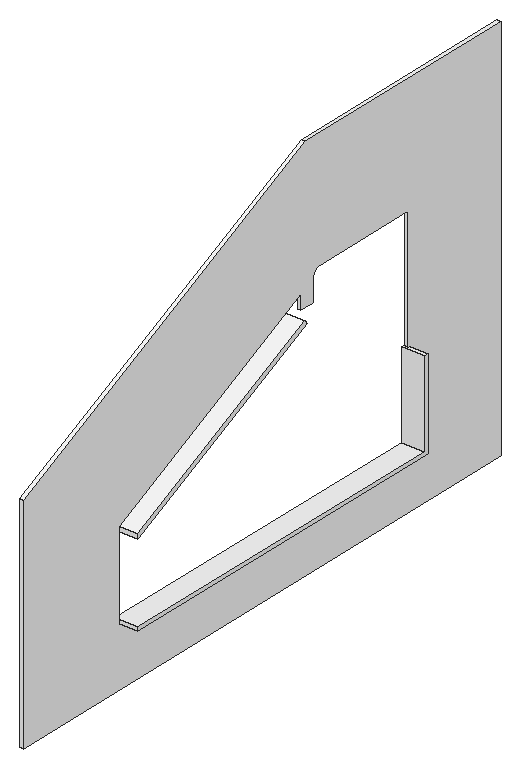
Revit family "Holocom-SLC Connector-2015", category Security Devices, host Face, Revit 2015
Parameters (values of type "Through-wall Trim Plate")
  URL = "www.holocom.com"
  Through-wall Trim Plate = yes
  Through-wall Run End = no
  Run End = no
  Retrofit Interface Sleeve = no
  Pull Box = no
  Product Page URL = "http://holocom.com/pdfs/Product%20files/Secure%20Large%20Carrier/SLC-TWK-TP.pdf"
  Product Notes = ""
  Material = Holocom_WhiteTextured
  90 Deg Internal = no
  90 Deg External = no
  Drop = no
  Offset = 0' - 1"
  Model = "SLC-TWK-TP"
  Manufacturer = "Holocom"  # constant formula
  Default Elevation = 4' - 0"
Types (8): name | Through-wall Trim Plate | Through-wall Run End | Run End | Retrofit Interface Sleeve | Pull Box | Product Page URL | 90 Deg Internal | 90 Deg External | Drop | Model
  90 Deg Internal | no | no | no | no | no | "http://holocom.com/pdfs/Product%20files/Secure%20Large%20Carrier/SLC-CT-90i.pdf" | yes | no | no | "SLC-CT-90i"
  90 Deg External | no | no | no | no | no | "http://holocom.com/pdfs/Product%20files/Secure%20Large%20Carrier/SLC-CT-90e.pdf" | no | yes | no | "SLC-CT-90e"
  Run End | no | no | yes | no | no | "http://holocom.com/pdfs/Product%20files/Secure%20Large%20Carrier/SLC-CT-REC-LT_RT.pdf" | no | no | no | "SLC-CT-REC-LT_RT"
  Through-wall Run End | no | yes | no | no | no | "http://holocom.com/pdfs/Product%20files/Secure%20Large%20Carrier/SLC-TWK-REC-LT_RT.pdf" | no | no | no | "SLC-TWK-REC-LT_RT"
  Pull Box | no | no | no | no | yes | "http://holocom.com/pdfs/Product%20files/Secure%20Large%20Carrier/SLC-WM-PB0-H1.pdf" | no | no | no | "SLC-WM-PB0-H1"
  Through-wall Trim Plate | yes | no | no | no | no | "http://holocom.com/pdfs/Product%20files/Secure%20Large%20Carrier/SLC-TWK-TP.pdf" | no | no | no | "SLC-TWK-TP"
  Retrofit Interface Sleeve | no | no | no | yes | no | "http://holocom.com/pdfs/Product%20files/Secure%20Large%20Carrier/SLC-RTF-INF-LT_RT%202%2026%2013.pdf" | no | no | no | "SLC-RTF-INF-LT_RT"
  Drop | no | no | no | no | no | "" | no | no | yes | "SLC-RTF-INF-LT_RT"
Reference planes (in)
  plane 1 "Center (Front/Back)": y = 0
  plane 2: z = 0
  plane 3 "Center (Left/Right)": x = 0
  plane 4: z = 1
  plane 5: y = -3
  plane 6: y = -1
Dimensions and locks (in)
  "Offset": plane 4 to plane 2
  locked: plane 5 to plane 1 "Center (Front/Back)" at 3
  locked: plane 6 to plane 1 "Center (Front/Back)" at 1
  aligned and locked: plane 2 to host face
  aligned and locked: level to host face
  aligned and locked: nested 3 to plane 3 "Center (Left/Right)"
  aligned and locked: plane 3 "Center (Left/Right)" to nested 1
  aligned and locked: plane 3 "Center (Left/Right)" to nested 7
  aligned and locked: plane 3 "Center (Left/Right)" to nested 8
  aligned and locked: plane 1 "Center (Front/Back)" to nested 1
  aligned and locked: nested 3 to plane 5
  aligned and locked: plane 5 to nested 7
  aligned and locked: plane 5 to nested 8
  aligned and locked: plane 5 to nested 5
  aligned and locked: nested 6 to plane 5
  aligned and locked: nested 4 to plane 3 "Center (Left/Right)"
  aligned and locked: plane 5 to nested 4
  aligned and locked: nested 2 to plane 3 "Center (Left/Right)"
  aligned and locked: nested 2 to plane 5
  aligned and locked: plane 3 "Center (Left/Right)" to nested 6
  aligned and locked: plane 3 "Center (Left/Right)" to nested 5
Automatic sketch dimensions
  host sketch curve to host sketch curve = 8' - 0"  (x2)
Nested families (in)
  nested 1: "SLC Drop Connector" at (-2.25, -1.01, 0), visible <- "Drop", type "Drop Connector"
  nested 2: "SLC 90 Deg External Connector" at (-5.75, -1.01, 0) x (-1, 0, 0) z (0, 0, 1), visible <- "90 Deg External", type "90 Deg External"
  nested 3: "SLC 90 Deg Internal Connector" at (-6, -1.01, 0) x (-1, 0, 0) z (0, 0, 1), visible <- "90 Deg Internal", type "90 Deg Internal"
  nested 4: "SLC Pull Box" at (-8.8, -1.01, 0), visible <- "Pull Box", type "Pull Box"
  nested 5: "SLC Retrofit Interface Sleeve" at (5, -1.51, 0), visible <- "Retrofit Interface Sleeve", type "SLC Retrofit Interface Sleeve"
  nested 6: "SLC Through-wall Trim Plate" at (-6.385288, -1.017017, 0) x (-1, 0, 0) z (0, 0, 1), visible <- "Through-wall Trim Plate", type "Through-Wall Trim Plate"
  nested 7: "SLC Run End Connector" at (3.5, -1.01, 0), visible <- "Run End", type "SLC Run End Connector"
  nested 8: "SLC Run End Connector" at (3.5, -1.01, 0), visible <- "Through-wall Run End", type "SLC Through-Wall Run End Connector"
Definition of nested family "SLC Drop Connector"
  Parameters (values of type "Drop Connector")
    SLC_Width = 0' - 8 1/4"  # constant formula
    SLC_Height = 0' - 6"  # constant formula
    URL = "www.holocom.com"
    Offset = 0' - 1"
    SLC_Depth = 0' - 1 1/2"  # constant formula
    Model = "SLC-WM-PBO-H1"
    MiniDukt_Width = 0' - 1 1/2"  # constant formula
    Material = none
    Manufacturer = "Holocom"
    Default Elevation = 4' - 0"
  Reference planes (in)
    plane 1: z = 0
    plane 2 "Top": y = 1.01
    plane 3: y = -4.99
    plane 4: z = 2.5
    plane 5 "Carrier Left": x = -6
    plane 6 "Carrier Right": x = 2.25
    plane 7: z = 1
    plane 8: x = -1.875
    plane 9: x = -1.125
    plane 10: x = -2.625
    plane 11: y = -1.99
  Forms (in)
    Extrusion 1, solid
      sketch origin (0, 0, 0) x (1, 0, 0) y (0, 1, 0)
        loop
          line (-48, 48) -> (-48, -48) -> (52.3075609, -48) -> (52.3075609, 48) -> (-48, 48)
      from 0 to -12
    Extrusion 2, solid, material <- "Material"
      sketch origin (2.25, 0, 0) x (0, 1, 0) y (0, 0, 1)
        loop
          line (1.01, 1) -> (1.01, 4.415625)
          arc (1.01, 4.415625) -> (0.9733883, 4.5040133) -> (0.885, 4.540625) r 0.125
          line (0.885, 4.540625) -> (-0.865, 4.540625)
          arc (-0.865, 4.540625) -> (-0.9533883, 4.5040133) -> (-0.99, 4.415625) r 0.125
          line (-0.99, 4.415625) -> (-0.99, 4.040625) -> (-1.24, 4.040625) -> (-1.24, 4.28125) -> (-4.99, 2.5) -> (-4.99, 1) -> (1.01, 1)
      from -8.25 to 0
    Extrusion 3, solid, material <- "Material"
      sketch origin (-2, -3.99, 0) x (1, 0, 0) y (0, 1, 0)
        loop
          line (-0.625, -3) -> (0.875, -3) -> (0.875, -1) -> (-0.625, -1) -> (-0.625, -3)
      from 1 to 1.75
  Lines and regions (in)
    reference lines
      curve 1: line (-5.0541293, -6.99, 0) -> (1.4458707, -6.99, 0)
  Dimensions and locks (in)
    "SLC_Height": plane 2 "Top" to plane 3
    "Offset": plane 7 to level
    "SLC_Depth": plane 4 to plane 7
    "SLC_Width": plane 5 "Carrier Left" to plane 6 "Carrier Right"
    equal spacing: plane 5 "Carrier Left", plane 8, plane 6 "Carrier Right"
    plane 3 to plane 2 "Top" = 0' - 6"
    Extrusion 2 sketch curve to Extrusion 2 sketch curve = 0' - 2"
    locked: Extrusion 2 sketch curve to Extrusion 2 sketch curve at 0.25
    equal spacing: plane 10, plane 8, plane 9
    "MiniDukt_Width": plane 10 to plane 9
    equal spacing: plane 3, plane 11, plane 2 "Top"
    aligned and locked: plane 1 to Extrusion 1
    aligned and locked: level to Extrusion 1
    aligned and locked: Extrusion 2 to plane 5 "Carrier Left"
    aligned and locked: plane 6 "Carrier Right" to Extrusion 2
    aligned and locked: Extrusion 3 to plane 10
    aligned and locked: plane 9 to Extrusion 3
    aligned and locked: plane 3 to Extrusion 2  (x2)
    aligned and locked: plane 3 to Extrusion 3
    aligned and locked: curve 1 to Extrusion 3
    aligned and locked: Extrusion 2 to plane 2 "Top"
  Automatic sketch dimensions
    Extrusion 1 sketch curve to Extrusion 1 sketch curve = 8' - 4.30756"
    Extrusion 1 sketch curve to Extrusion 1 sketch curve = 8' - 0"
    Extrusion 2 sketch curve to plane 3 = 0' - 0"
    Extrusion 2 sketch curve to plane 2 "Top" = 0' - 0"
    Extrusion 2 sketch curve to plane 7 = 0' - 0"
    plane 4 to Extrusion 2 sketch curve = 0' - 0"
    Extrusion 2 sketch curve to Extrusion 2 sketch curve = 0' - 0 1/8"
    plane 2 "Top" to Extrusion 2 sketch curve = 0' - 0 1/8"
    Extrusion 2 sketch curve to plane 4 = 0' - 1.54063"
    Extrusion 2 sketch curve to Extrusion 2 sketch curve = 0' - 0.24062"
    Extrusion 2 sketch curve to plane 4 = 0' - 1.91563"
    Extrusion 3 sketch curve to plane 8 = 0' - 0 3/4"
    Extrusion 3 sketch curve to plane 6 "Carrier Right" = 0' - 3 3/8"
    plane 3 to Extrusion 3 sketch curve = 0' - 2"
    Extrusion 3 sketch curve to Extrusion 3 sketch curve = 0' - 2"
    curve 1 to plane 6 "Carrier Right" = 0' - 0.80413"
    plane 3 to curve 1 = 0' - 2"
    plane 5 "Carrier Left" to curve 1 = 0' - 0.94587"
Definition of nested family "SLC 90 Deg External Connector"
  Parameters (values of type "90 Deg External")
    SLC_Width = 0' - 4 1/8"  # constant formula
    SLC_Height = 0' - 6"  # constant formula
    URL = "www.holocom.com"
    Offset = 0' - 1"
    SLC_Depth = 0' - 1 1/2"  # constant formula
    Model = "SLC-CT-90e"
    Material = none
    Manufacturer = "Holocom"
    Default Elevation = 4' - 0"
  Reference planes (in)
    plane 1: z = 0
    plane 2 "Top": y = 1.01
    plane 3: y = -4.99
    plane 4: z = 2.5
    plane 5 "Carrier Left": x = -5.75
    plane 6 "Wall 2 Offset": x = -0.625
    plane 7: z = 1
    plane 8: x = -1.625
    plane 9: y = -1.99
    plane 10 "Raceway Bottom": y = -0.99
    plane 11: z = -4.125
  Forms (in)
    Extrusion 1, solid
      sketch origin (0, 0, 0) x (1, 0, 0) y (0, 1, 0)
        loop
          line (-48, 48) -> (-48, -48) -> (-1.625, -48) -> (-1.625, 48) -> (-48, 48)
      from 0 to -12
    Sweep 2, solid, material <- "Material"
      path origin (0, 1.01, 2.4884961) x (0, 0, 1) y (-1, 0, 0)
        loop
          line (-1.4884961, 5.75) -> (-1.4884961, 0.625) -> (-6.6134961, 0.625)
      profile origin (-3.1875, 1.01, 1) x (0, 0, 1) y (0, -1, 0)
        loop
          arc (3.415625, 0) -> (3.5040133, 0.0366117) -> (3.540625, 0.125) r 0.125
          line (3.540625, 0.125) -> (3.540625, 1.875)
          arc (3.540625, 1.875) -> (3.5040133, 1.9633883) -> (3.415625, 2) r 0.125
          line (3.415625, 2) -> (3.040625, 2) -> (3.040625, 2.25) -> (3.28125, 2.25) -> (1.5, 6) -> (0, 6) -> (0, 0) -> (3.415625, 0)
    Extrusion 3, solid, material <- "Material"
      sketch origin (0, -0.99, 0) x (-1, 0, 0) y (0, 0, 1)
        loop
          line (5.75, 2.5) -> (-0.875, 2.5) -> (-0.875, -4.125) -> (0.625, -4.125) -> (0.625, -2)
          arc (0.625, -2) -> (1.5036797, 0.1213203) -> (3.625, 1) r 3
          line (3.625, 1) -> (5.75, 1) -> (5.75, 2.5)
      from 0 to 2
  Cuts and joins
    joined: Sweep 2, Extrusion 3
  Lines and regions (in)
    reference lines
      curve 1: line (-0.625, 3.01, 0) -> (-0.625, -6.99, 0)
      curve 2: line (-5.75, 3.01, 0) -> (-5.75, -6.99, 0)
  Dimensions and locks (in)
    "SLC_Height": plane 2 "Top" to plane 3
    "Offset": plane 7 to level
    plane 3 to plane 2 "Top" = 0' - 6"
    equal spacing: plane 3, plane 9, plane 2 "Top"
    locked: plane 10 "Raceway Bottom" to plane 2 "Top" at 2
    "SLC_Width": plane 1 to plane 11
    "Offset": plane 6 "Wall 2 Offset" to plane 8
    "SLC_Width": plane 8 to plane 5 "Carrier Left"
    aligned and locked: plane 1 to Extrusion 1
    aligned and locked: level to Extrusion 1
    aligned and locked: curve 1 to plane 6 "Wall 2 Offset"
    aligned and locked: curve 2 to plane 5 "Carrier Left"
    aligned and locked: plane 6 "Wall 2 Offset" to Sweep 2 sketch curve
    aligned and locked: Sweep 2 sketch curve to plane 7
    aligned and locked: plane 5 "Carrier Left" to Sweep 2 sketch curve
    aligned and locked: plane 11 to Sweep 2 sketch curve
    aligned and locked: Extrusion 3 to plane 2 "Top"
  Automatic sketch dimensions
    Extrusion 1 sketch curve to Extrusion 1 sketch curve = 3' - 10 3/8"
    Extrusion 1 sketch curve to Extrusion 1 sketch curve = 8' - 0"
    plane 3 to curve 1 = 0' - 2"
    curve 2 to plane 2 "Top" = 0' - 2"
    curve 1 to plane 2 "Top" = 0' - 2"
    plane 3 to curve 2 = 0' - 2"
    Sweep 2 sketch curve to plane 2 "Top" = 0' - 0"
    profile plane to Sweep 2 sketch curve = 0' - 0"
    Sweep 2 sketch curve to profile plane = 0' - 1 1/2"
    plane 2 "Top" to Sweep 2 sketch curve = 0' - 2"
    Sweep 2 sketch curve to profile plane = 0' - 3.04062"
    Sweep 2 sketch curve to Sweep 2 sketch curve = 0' - 0.24062"
    Sweep 2 sketch curve to Sweep 2 sketch curve = 0' - 0 3/8"
    Sweep 2 sketch curve to Sweep 2 sketch curve = 0' - 0.13437"
    plane 2 "Top" to Sweep 2 sketch curve = 0' - 0 1/8"
    Sweep 2 sketch curve to Sweep 2 sketch curve = 0' - 0 1/4"
    Sweep 2 sketch curve to Sweep 2 sketch curve = 0' - 3 3/4"
    Extrusion 3 sketch curve to plane 4 = 0' - 0"
    Extrusion 3 sketch curve to plane 11 = 0' - 0"
    Extrusion 3 sketch curve to plane 6 "Wall 2 Offset" = 0' - 0"
    Extrusion 3 sketch curve to plane 7 = 0' - 0"
    Extrusion 3 sketch curve to plane 5 "Carrier Left" = 0' - 0"
    Extrusion 3 sketch curve to Extrusion 3 sketch curve = 0' - 1 1/2"
    Extrusion 3 sketch curve to level = 0' - 2"
    Extrusion 3 sketch curve to Extrusion 3 sketch curve = 0' - 3"
Definition of nested family "SLC 90 Deg Internal Connector"
  Parameters (values of type "90 Deg Internal")
    SLC_Width = 0' - 8 1/4"  # constant formula
    SLC_Height = 0' - 6"  # constant formula
    URL = "www.holocom.com"
    Offset = 0' - 1"
    SLC_Depth = 0' - 1 1/2"  # constant formula
    Model = "SLC-CT-90i"
    Material = none
    Manufacturer = "Holocom"
    Default Elevation = 4' - 0"
  Reference planes (in)
    plane 1: z = 0
    plane 2 "Top": y = 1.01
    plane 3: y = -4.99
    plane 4: z = 2.5
    plane 5 "Carrier Left": x = -6
    plane 6 "Carrier Right": x = 2.25
    plane 7: z = 1
    plane 8: x = -1.875
    plane 9: y = -1.99
    plane 10: z = 9.25
    plane 11 "Raceway Bottom": y = -0.99
  Forms (in)
    Extrusion 1, solid
      sketch origin (0, 0, 0) x (1, 0, 0) y (0, 1, 0)
        loop
          line (-48, 48) -> (-48, -48) -> (42.3832027, -48) -> (42.3832027, 48) -> (-48, 48)
      from 0 to -12
    Sweep 2, solid, material <- "Material"
      path origin (0, 1.01, 2.4884961) x (0, 0, 1) y (-1, 0, 0)
        loop
          line (-1.4884961, 6) -> (-1.4884961, -2.25) -> (6.7615039, -2.25)
      profile origin (-1.875, 1.01, 1) x (0, 0, 1) y (0, -1, 0)
        loop
          arc (3.415625, 0) -> (3.5040133, 0.0366117) -> (3.540625, 0.125) r 0.125
          line (3.540625, 0.125) -> (3.540625, 1.875)
          arc (3.540625, 1.875) -> (3.5040133, 1.9633883) -> (3.415625, 2) r 0.125
          line (3.415625, 2) -> (3.040625, 2) -> (3.040625, 2.25) -> (3.28125, 2.25) -> (1.5, 6) -> (0, 6) -> (0, 0) -> (3.415625, 0)
    Extrusion 3, solid, material <- "Material"
      sketch origin (0, -0.99, 0) x (-1, 0, 0) y (0, 0, 1)
        loop
          line (6, 2.5) -> (6, 4.540625) -> (4.290625, 4.540625)
          arc (4.290625, 4.540625) -> (2.1693047, 5.4193047) -> (1.290625, 7.540625) r 3
          line (1.290625, 7.540625) -> (1.290625, 9.25) -> (-0.75, 9.25) -> (-0.75, 2.5) -> (6, 2.5)
      from 0 to 2
  Cuts and joins
    joined: Sweep 2, Extrusion 3
  Dimensions and locks (in)
    "SLC_Height": plane 2 "Top" to plane 3
    "Offset": plane 7 to level
    "SLC_Width": plane 5 "Carrier Left" to plane 6 "Carrier Right"
    equal spacing: plane 5 "Carrier Left", plane 8, plane 6 "Carrier Right"
    plane 3 to plane 2 "Top" = 0' - 6"
    equal spacing: plane 3, plane 9, plane 2 "Top"
    plane 10 to plane 7 = 0' - 8 1/4"
    locked: plane 11 "Raceway Bottom" to plane 2 "Top" at 2
    aligned and locked: plane 1 to Extrusion 1
    aligned and locked: level to Extrusion 1
    aligned and locked: plane 6 "Carrier Right" to Sweep 2 sketch curve
    aligned and locked: Sweep 2 sketch curve to plane 7
    aligned and locked: plane 5 "Carrier Left" to Sweep 2 sketch curve
    aligned and locked: plane 10 to Sweep 2 sketch curve
    aligned and locked: Extrusion 3 to plane 2 "Top"
  Automatic sketch dimensions
    Extrusion 1 sketch curve to Extrusion 1 sketch curve = 7' - 6.3832"
    Extrusion 1 sketch curve to Extrusion 1 sketch curve = 8' - 0"
    Sweep 2 sketch curve to plane 2 "Top" = 0' - 0"
    profile plane to Sweep 2 sketch curve = 0' - 0"
    Sweep 2 sketch curve to profile plane = 0' - 1 1/2"
    plane 2 "Top" to Sweep 2 sketch curve = 0' - 2"
    Sweep 2 sketch curve to profile plane = 0' - 3.04062"
    Sweep 2 sketch curve to Sweep 2 sketch curve = 0' - 0.24062"
    Sweep 2 sketch curve to Sweep 2 sketch curve = 0' - 0 3/8"
    Sweep 2 sketch curve to Sweep 2 sketch curve = 0' - 0.13437"
    plane 2 "Top" to Sweep 2 sketch curve = 0' - 0 1/8"
    Sweep 2 sketch curve to Sweep 2 sketch curve = 0' - 0 1/4"
    Sweep 2 sketch curve to Sweep 2 sketch curve = 0' - 3 3/4"
    Extrusion 3 sketch curve to plane 4 = 0' - 0"
    Extrusion 3 sketch curve to plane 10 = 0' - 0"
    Extrusion 3 sketch curve to plane 5 "Carrier Left" = 0' - 0"
    plane 5 "Carrier Left" to Extrusion 3 sketch curve = 0' - 1.70937"
    plane 8 to Extrusion 3 sketch curve = 0' - 0.58437"
    Extrusion 3 sketch curve to plane 6 "Carrier Right" = 0' - 1 1/2"
    Extrusion 3 sketch curve to plane 10 = 0' - 1.70937"
Definition of nested family "SLC Pull Box"
  Parameters (values of type "Pull Box")
    SLC_Height = 0' - 6"  # constant formula
    URL = "www.holocom.com"
    Offset = 0' - 1"
    SLC_Depth = 0' - 1 1/2"  # constant formula
    Model = "SLC-WM-PBO-H1"
    Material = none
    Manufacturer = "Holocom"
    Default Elevation = 4' - 0"
  Reference planes (in)
    plane 1: z = 0
    plane 2 "Top": y = 1.01
    plane 3: y = -4.99
    plane 4: z = 2.5
    plane 5 "Carrier Left": x = -6
    plane 6 "Carrier Right": x = 6.8
    plane 7: z = 1
    plane 8: x = 0.4
    plane 9: y = 2.01
    plane 10: y = -5.99
    plane 11: y = 1.51
    plane 12: y = -5.49
    plane 13: x = -2.6
    plane 14: x = 3.4
    plane 15: y = -1.99
  Forms (in)
    Extrusion 1, solid
      sketch origin (0, 0, 0) x (1, 0, 0) y (0, 1, 0)
        loop
          line (-48, 48) -> (-48, -48) -> (49.1565535, -48) -> (49.1565535, 48) -> (-48, 48)
      from 0 to -12
    Extrusion 2, solid, material <- "Material"
      sketch origin (-6, 0, 0) x (0, 0, 1) y (0, -1, 0)
        loop
          line (1, -1.01) -> (4.415625, -1.01)
          arc (4.415625, -1.01) -> (4.5040133, -0.9733883) -> (4.540625, -0.885) r 0.125
          line (4.540625, -0.885) -> (4.540625, 0.865)
          arc (4.540625, 0.865) -> (4.5040133, 0.9533883) -> (4.415625, 0.99) r 0.125
          line (4.415625, 0.99) -> (4.040625, 0.99) -> (4.040625, 1.24) -> (4.28125, 1.24) -> (2.5, 4.99) -> (1, 4.99) -> (1, -1.01)
      from 0 to -2
    Extrusion 3, solid, material <- "Material"
      sketch origin (0.2, -4.9430874, 0) x (1, 0, 0) y (0, 1, 0)
        loop
          line (-6.2, 6.9530874) -> (-6.2, -1.0469126) -> (6.6, -1.0469126) -> (6.6, 6.9530874) -> (-6.2, 6.9530874)
      from 0 to 5.5
    Extrusion 4, solid, material <- "Material"
      sketch origin (0.4, -2.99, 5.5) x (0, 1, 0) y (-1, 0, 0)
        loop
          line (4.5, 0.5) -> (4.375, 0.5) -> (4.375, -0.5) -> (4.5, -0.5) -> (4.5, 0.5)
      from 0 to 0.75
    Extrusion 5, solid, material <- "Material"
      sketch origin (6.8, 0, 0) x (0, 1, 0) y (0, 0, 1)
        loop
          line (1.01, 1) -> (1.01, 4.415625)
          arc (1.01, 4.415625) -> (0.9733883, 4.5040133) -> (0.885, 4.540625) r 0.125
          line (0.885, 4.540625) -> (-0.865, 4.540625)
          arc (-0.865, 4.540625) -> (-0.9533883, 4.5040133) -> (-0.99, 4.415625) r 0.125
          line (-0.99, 4.415625) -> (-0.99, 4.040625) -> (-1.24, 4.040625) -> (-1.24, 4.28125) -> (-4.99, 2.5) -> (-4.99, 1) -> (1.01, 1)
      from 0 to 2
  Lines and regions (in)
    reference lines
      curve 1: line (8.8, 3.01, 0) -> (8.8, -6.99, 0)
      curve 2: line (-8, 3.01, 0) -> (-8, -6.99, 0)
    model lines
      curve 3: line (-2.6, 1.51, 5.5) -> (-2.6, -5.49, 5.5)
      curve 4: line (-2.6, -5.49, 5.5) -> (3.4, -5.49, 5.5)
      curve 5: line (3.4, -5.49, 5.5) -> (3.4, 1.51, 5.5)
      curve 6: line (3.4, 1.51, 5.5) -> (-2.6, 1.51, 5.5)
  Dimensions and locks (in)
    "SLC_Height": plane 2 "Top" to plane 3
    "Offset": plane 7 to level
    "SLC_Depth": plane 4 to plane 7
    Extrusion 2 sketch curve to Extrusion 2 sketch curve = 0' - 2"
    locked: Extrusion 2 sketch curve to Extrusion 2 sketch curve at 0.25
    Extrusion 4 sketch curve to Extrusion 4 sketch curve = 0' - 0 1/8"
    Extrusion 4 sketch curve to Extrusion 4 sketch curve = 0' - 1"
    plane 5 "Carrier Left" to plane 6 "Carrier Right" = 1' - 0.8"
    equal spacing: plane 5 "Carrier Left", plane 8, plane 6 "Carrier Right"
    plane 3 to plane 2 "Top" = 0' - 6"
    plane 10 to plane 9 = 0' - 8"
    Extrusion 5 sketch curve to Extrusion 5 sketch curve = 0' - 2"
    locked: Extrusion 5 sketch curve to Extrusion 5 sketch curve at 0.25
    locked: plane 12 to plane 10 at 0.5
    locked: plane 9 to plane 11 at 0.5
    equal spacing: plane 13, plane 8, plane 14
    plane 13 to plane 14 = 0' - 6"
    equal spacing: plane 3, plane 15, plane 2 "Top"
    aligned and locked: plane 1 to Extrusion 1
    aligned and locked: level to Extrusion 1
    aligned and locked: plane 9 to Extrusion 3
    aligned and locked: Extrusion 3 to plane 10
    aligned and locked: plane 6 "Carrier Right" to Extrusion 3
    aligned and locked: Extrusion 3 to plane 5 "Carrier Left"
    aligned and locked: plane 11 to Extrusion 4
    aligned and locked: plane 11 to curve 6
    aligned and locked: curve 4 to plane 12
    aligned and locked: curve 3 to plane 13
    aligned and locked: plane 14 to curve 5
    aligned and locked: curve 2 to Extrusion 2
    aligned and locked: Extrusion 5 to curve 1
  Automatic sketch dimensions
    Extrusion 1 sketch curve to Extrusion 1 sketch curve = 8' - 1.15655"
    Extrusion 1 sketch curve to Extrusion 1 sketch curve = 8' - 0"
    Extrusion 2 sketch curve to plane 3 = 0' - 0"
    Extrusion 2 sketch curve to plane 7 = 0' - 0"
    plane 4 to Extrusion 2 sketch curve = 0' - 0"
    Extrusion 2 sketch curve to plane 2 "Top" = 0' - 0"
    Extrusion 2 sketch curve to plane 4 = 0' - 1.54063"
    Extrusion 2 sketch curve to Extrusion 2 sketch curve = 0' - 0.24062"
    Extrusion 2 sketch curve to plane 4 = 0' - 1.91563"
    Extrusion 2 sketch curve to Extrusion 2 sketch curve = 0' - 0 3/8"
    Extrusion 2 sketch curve to Extrusion 2 sketch curve = 0' - 0 1/8"
    plane 3 to Extrusion 3 sketch curve = 0' - 1"
    plane 5 "Carrier Left" to Extrusion 3 sketch curve = 0' - 0"
    plane 5 "Carrier Left" to Extrusion 3 sketch curve = 1' - 0.8"
    Extrusion 3 sketch curve to plane 2 "Top" = 0' - 1"
    plane 5 "Carrier Left" to Extrusion 4 sketch curve = 0' - 6.9"
    Extrusion 4 sketch curve to plane 2 "Top" = 0' - 0 3/8"
    Extrusion 5 sketch curve to plane 3 = 0' - 0"
    Extrusion 5 sketch curve to plane 2 "Top" = 0' - 0"
    Extrusion 5 sketch curve to plane 7 = 0' - 0"
    plane 4 to Extrusion 5 sketch curve = 0' - 0"
    Extrusion 5 sketch curve to Extrusion 5 sketch curve = 0' - 0 1/8"
    plane 2 "Top" to Extrusion 5 sketch curve = 0' - 0 1/8"
    Extrusion 5 sketch curve to plane 4 = 0' - 1.54063"
    Extrusion 5 sketch curve to Extrusion 5 sketch curve = 0' - 0.24062"
    Extrusion 5 sketch curve to plane 4 = 0' - 1.91563"
    plane 9 to curve 2 = 0' - 1"
    curve 1 to plane 10 = 0' - 1"
    curve 2 to plane 10 = 0' - 1"
    plane 9 to curve 1 = 0' - 1"
    plane 6 "Carrier Right" to curve 1 = 0' - 2"
    curve 2 to plane 5 "Carrier Left" = 0' - 2"
Definition of nested family "SLC Retrofit Interface Sleeve"
  Parameters (values of type "SLC Retrofit Interface Sleeve")
    URL = "www.holocom.com"
    Offset = 0' - 1"
    Through Wall = no
    Height = 0' - 10"  # constant formula
    Model = "SLC-RTF-INF"
    Material = none
    Manufacturer = "Holocom"
    Default Elevation = 4' - 0"
  Reference planes (in)
    plane 1: z = 0
    plane 2 "Back": x = -6.0625
    plane 3: y = -4.49
    plane 4: z = 3
    plane 5 "Front": x = -6
    plane 6: z = 1
    plane 7: x = -8
    plane 8: y = 1.51
    plane 9: y = 0.04125
    plane 10: x = -5
    plane 11: y = 3.01
    plane 12: y = -6.99
    plane 13: z = 6.8110161
    plane 14: z = 4.978125
    plane 15: y = -1.49
  Forms (in)
    Extrusion 1, solid
      sketch origin (0, 0, 0) x (1, 0, 0) y (0, 1, 0)
        loop
          line (-48, 48) -> (-48, -48) -> (30.2326006, -48) -> (30.2326006, 48) -> (-48, 48)
      from 0 to -12
    Extrusion 2, solid, material <- "Material"
      sketch origin (7.1309405, 0.0765339, 0) x (0, 0, 1) y (0, -1, 0)
        loop
          line (5.0610161, 0.4775005) -> (2.9636464, 4.5665339) -> (1, 4.5665339) -> (1, -1.4334661) -> (4.978125, -1.4334661) -> (4.978125, 0.0888323) -> (5.0610161, 0.2383718) -> (5.0610161, 0.4775005)
        loop
          line (4.9985161, 0.4634111) -> (2.9241414, 4.5040339) -> (1.0625, 4.5040339) -> (1.0625, -1.3709661) -> (4.915625, -1.3709661) -> (4.915625, 0.1049959) -> (4.9985161, 0.2545354) -> (4.9985161, 0.4634111)
      from -12.1309405 to -15.1309405
    Extrusion 3, solid, material <- "Material"
      sketch origin (-6, 0, 0) x (0, 0, 1) y (0, -1, 0)
        loop
          arc (6.8110161, 6.74) -> (6.7377928, 6.9167767) -> (6.5610161, 6.99) r 0.25
          line (6.5610161, 6.99) -> (0.25, 6.99)
          arc (0.25, 6.99) -> (0.0732233, 6.9167767) -> (0, 6.74) r 0.25
          line (0, 6.74) -> (0, -2.76)
          arc (0, -2.76) -> (0.0732233, -2.9367767) -> (0.25, -3.01) r 0.25
          line (0.25, -3.01) -> (6.5610161, -3.01)
          arc (6.5610161, -3.01) -> (6.7377928, -2.9367767) -> (6.8110161, -2.76) r 0.25
          line (6.8110161, -2.76) -> (6.8110161, 6.74)
      from 0 to -0.0625
  Dimensions and locks (in)
    "Offset": plane 6 to level
    locked: plane 2 "Back" to plane 5 "Front" at 0.0625
    plane 7 to plane 2 "Back" = 0' - 1 15/16"
    plane 5 "Front" to plane 7 = 0' - 2"
    plane 10 to plane 5 "Front" = 0' - 1"
    "Height": plane 11 to plane 12
    plane 8 to plane 3 = 0' - 6"
    equal spacing: plane 3, plane 15, plane 8
    aligned and locked: plane 1 to Extrusion 1
    aligned and locked: level to Extrusion 1
    aligned and locked: Extrusion 2 to plane 7
    aligned and locked: plane 10 to Extrusion 2
    aligned and locked: Extrusion 3 sketch curve to plane 13
    aligned and locked: Extrusion 3 sketch curve to plane 12
    aligned and locked: level to Extrusion 3 sketch curve
    aligned and locked: plane 11 to Extrusion 3 sketch curve
    aligned and locked: Extrusion 3 to plane 2 "Back"
    aligned and locked: plane 14 to Extrusion 2
  Automatic sketch dimensions
    Extrusion 1 sketch curve to Extrusion 1 sketch curve = 6' - 6.2326"
    Extrusion 1 sketch curve to Extrusion 1 sketch curve = 8' - 0"
    Extrusion 2 sketch curve to Extrusion 2 sketch curve = 0' - 0.0395"
    Extrusion 2 sketch curve to plane 3 = 0' - 0 1/16"
    plane 6 to Extrusion 2 sketch curve = 0' - 0 1/16"
    plane 8 to Extrusion 2 sketch curve = 0' - 0 1/16"
    Extrusion 2 sketch curve to Extrusion 2 sketch curve = 0' - 0 1/16"  (x2)
    plane 9 to Extrusion 2 sketch curve = 0' - 0.06971"
    Extrusion 2 sketch curve to Extrusion 2 sketch curve = 0' - 0.01616"
    Extrusion 2 sketch curve to Extrusion 2 sketch curve = 0' - 0.01409"
    Extrusion 2 sketch curve to plane 6 = 0' - 0"
    Extrusion 2 sketch curve to plane 3 = 0' - 0"
    Extrusion 2 sketch curve to plane 8 = 0' - 0"
    plane 9 to Extrusion 2 sketch curve = 0' - 0.05355"
    plane 4 to Extrusion 2 sketch curve = 0' - 0.07586"
    Extrusion 2 sketch curve to plane 13 = 0' - 1.89539"
    plane 9 to Extrusion 2 sketch curve = 0' - 0.21925"
    Extrusion 2 sketch curve to Extrusion 2 sketch curve = 0' - 0.02039"
    Extrusion 2 sketch curve to Extrusion 2 sketch curve = 0' - 0.20888"
    level to Extrusion 3 sketch curve = 0' - 0 1/4"  (x2)
    Extrusion 3 sketch curve to Extrusion 3 sketch curve = 0' - 0 1/4"
    Extrusion 3 sketch curve to plane 13 = 0' - 0 1/4"
Definition of nested family "SLC Through-wall Trim Plate"
  Parameters (values of type "Through-Wall Trim Plate")
    URL = "www.holocom.com"
    Offset = 0' - 1"
    Model = "SLC-TWK-TP"
    Material = none
    Manufacturer = "Holocom"
    Default Elevation = 4' - 0"
  Reference planes (in)
    plane 1: z = 0
    plane 2 "Back": x = -6.0625
    plane 3: y = -4.99
    plane 4: z = 2.5
    plane 5 "Front": x = -6
    plane 6: z = 1
    plane 7: y = 0.0264474
    plane 8: x = -6.385288
    plane 9: y = -6.99
    plane 10 "Top": y = 3.0264474
    plane 11: y = -1.982983
  Forms (in)
    Extrusion 1, solid
      sketch origin (0, 0, 0) x (1, 0, 0) y (0, 1, 0)
        loop
          line (-48, 48) -> (-48, -48) -> (32.4120758, -48) -> (32.4120758, 48) -> (-48, 48)
      from 0 to -12
    Extrusion 2, solid, material <- "Material"
      sketch origin (7.1309405, 0.0765339, 0) x (0, 0, 1) y (0, -1, 0)
        loop
          line (1, -1.01) -> (2.5, -1.01) -> (2.5, -0.9475) -> (1.0625, -0.9475) -> (1.0625, 5.0665339) -> (1, 5.0665339) -> (1, -1.01)
        loop
          line (4.1303023, 1.5577846) -> (2.4636464, 5.0665339) -> (2.3944539, 5.0665339) -> (4.0738475, 1.5309685) -> (4.1303023, 1.5577846)
      from -13.1309405 to -13.5162285
    Extrusion 3, solid, material <- "Material"
      sketch origin (-6, 0, 0) x (0, 0, 1) y (0, -1, 0)
        loop
          line (4.540625, -1.0865339) -> (4.540625, 0.7884661)
          arc (4.540625, 0.7884661) -> (4.5040133, 0.8768544) -> (4.415625, 0.9134661) r 0.125
          line (4.415625, 0.9134661) -> (4.040625, 0.9134661) -> (4.040625, 1.1634661) -> (4.28125, 1.1634661) -> (2.4636464, 4.99) -> (1, 4.99) -> (1, -1.0865339) -> (4.540625, -1.0865339)
        loop
          line (0, -3.0264474) -> (6.540625, -3.0264474) -> (6.540625, 1.0682744) -> (3.7278054, 6.99) -> (0, 6.99) -> (0, -3.0264474)
      from 0 to -0.0625
  Dimensions and locks (in)
    "Offset": plane 6 to level
    plane 4 to plane 6 = 0' - 1 1/2"
    locked: plane 2 "Back" to plane 5 "Front" at 0.0625
    plane 8 to plane 2 "Back" = 0' - 0.32279"
    equal spacing: plane 3, plane 11, Extrusion 2
    aligned and locked: plane 1 to Extrusion 1
    aligned and locked: level to Extrusion 1
    aligned and locked: Extrusion 2 to plane 5 "Front"
    aligned and locked: plane 3 to Extrusion 2
    aligned and locked: Extrusion 3 to plane 2 "Back"
    aligned and locked: Extrusion 2 to plane 8
    aligned and locked: Extrusion 3 to plane 10 "Top"
    aligned and locked: plane 9 to Extrusion 3
    aligned and locked: Extrusion 3 to level
  Automatic sketch dimensions
    Extrusion 1 sketch curve to Extrusion 1 sketch curve = 6' - 8.41208"
    Extrusion 1 sketch curve to Extrusion 1 sketch curve = 8' - 0"
    Extrusion 3 sketch curve to plane 3 = 0' - 0"
    Extrusion 3 sketch curve to plane 6 = 0' - 0"
    Extrusion 3 sketch curve to plane 4 = 0' - 2.04063"
    plane 4 to Extrusion 3 sketch curve = 0' - 0.03635"
    plane 3 to Extrusion 3 sketch curve = 0' - 2"
    Extrusion 3 sketch curve to plane 6 = 0' - 1"
    Extrusion 3 sketch curve to Extrusion 3 sketch curve = 0' - 2"
    Extrusion 3 sketch curve to Extrusion 3 sketch curve = 0' - 1.26416"
    Extrusion 3 sketch curve to Extrusion 3 sketch curve = 0' - 0 3/8"
    Extrusion 3 sketch curve to Extrusion 3 sketch curve = 0' - 0 1/4"
    Extrusion 3 sketch curve to Extrusion 3 sketch curve = 0' - 0 1/2"
    Extrusion 3 sketch curve to Extrusion 3 sketch curve = 0' - 0.24062"
    plane 7 to Extrusion 3 sketch curve = 0' - 0.81491"
    plane 7 to Extrusion 3 sketch curve = 0' - 1.09472"
    Extrusion 2 sketch curve to plane 3 = 0' - 0"  (x2)
    Extrusion 2 sketch curve to plane 6 = 0' - 0"
    plane 4 to Extrusion 2 sketch curve = 0' - 0"
    plane 6 to Extrusion 2 sketch curve = 0' - 0 1/16"
    plane 4 to Extrusion 2 sketch curve = 0' - 0.03635"
    plane 7 to Extrusion 2 sketch curve = 0' - 1.48088"
    Extrusion 2 sketch curve to Extrusion 2 sketch curve = 0' - 0.05645"
    Extrusion 2 sketch curve to Extrusion 2 sketch curve = 0' - 0.02682"
    Extrusion 2 sketch curve to plane 7 = 0' - 0.99759"
    Extrusion 2 sketch curve to Extrusion 2 sketch curve = 0' - 0 1/16"
    Extrusion 3 sketch curve to plane 7 = 0' - 1.06009"
    plane 10 "Top" to Extrusion 3 sketch curve = 0' - 0"
Definition of nested family "SLC Run End Connector"
  Parameters (values of type "SLC Run End Connector")
    URL = "www.holocom.com"
    Offset = 0' - 1"
    Through Wall = no
    SLC_Height = 0' - 6"  # constant formula
    SLC_Depth = 0' - 1 1/2"  # constant formula
    Model = "SLC-CT-REC"
    Material = none
    Manufacturer = "Holocom"
    Length = 0' - 5"  # constant formula
    Default Elevation = 4' - 0"
  Types (2): name | Model
    SLC Through-Wall Run End Connector | "SLC-TWK-REC"
    SLC Run End Connector | "SLC-CT-REC"
  Reference planes (in)
    plane 1: z = 0
    plane 2 "Unit right": x = -1
    plane 3 "Top": y = 1.01
    plane 4: y = -4.99
    plane 5: z = 2.5
    plane 6 "Carrier Left": x = -6
    plane 7: z = 1
    plane 8: y = 0.0264474
    plane 9: y = -3.9275
    plane 10: x = -5
    plane 11: y = -1.99
  Forms (in)
    Extrusion 1, solid
      sketch origin (0, 0, 0) x (1, 0, 0) y (0, 1, 0)
        loop
          line (-48, 48) -> (-48, -48) -> (36.2383, -48) -> (36.2383, 48) -> (-48, 48)
      from 0 to -12
    Extrusion 2, solid, material <- "Material"
      sketch origin (7.1309405, 0.0765339, 0) x (0, 0, 1) y (0, -1, 0)
        loop
          line (1, -0.9334661) -> (4.415625, -0.9334661)
          arc (4.415625, -0.9334661) -> (4.5040133, -0.8968544) -> (4.540625, -0.8084661) r 0.125
          line (4.540625, -0.8084661) -> (4.540625, 0.865)
          arc (4.540625, 0.865) -> (4.5040133, 0.9533883) -> (4.415625, 0.99) r 0.125
          line (4.415625, 0.99) -> (4.040625, 0.99) -> (4.040625, 1.24) -> (4.28125, 1.24) -> (2.5, 4.99) -> (1, 4.99) -> (1, -0.9334661)
      from -13.1309405 to -10.6309405
  Lines and regions (in)
    reference lines
      curve 1: line (-3.5, 3.3365339, 0) -> (-3.5, -6.6634661, 0)
    model lines, visible <- "Through Wall"
      curve 2: circle (-6, -0.0500866, 3.3043233) r 0.75 normal (1, 0, 0)
  Dimensions and locks (in)
    "SLC_Height": plane 3 "Top" to plane 4
    "Offset": plane 7 to level
    "SLC_Depth": plane 5 to plane 7
    "Length": plane 6 "Carrier Left" to plane 2 "Unit right"
    equal spacing: plane 6 "Carrier Left", curve 1, plane 2 "Unit right"
    Extrusion 2 sketch curve to Extrusion 2 sketch curve = 0' - 1.92347"
    locked: Extrusion 2 sketch curve to Extrusion 2 sketch curve at 0.25
    plane 11 to plane 3 "Top" = 0' - 3"
    aligned and locked: plane 1 to Extrusion 1
    aligned and locked: level to Extrusion 1
    aligned and locked: Extrusion 2 to plane 6 "Carrier Left"
    aligned and locked: Extrusion 2 to curve 1
    aligned and locked: plane 6 "Carrier Left" to nested 1
    aligned and locked: plane 4 to nested 1
    aligned and locked: Extrusion 2 to plane 3 "Top"
  Automatic sketch dimensions
    Extrusion 1 sketch curve to Extrusion 1 sketch curve = 7' - 0 61/256"
    Extrusion 1 sketch curve to Extrusion 1 sketch curve = 8' - 0"
    plane 4 to curve 1 = 0' - 1.67347"
    curve 1 to plane 3 "Top" = 0' - 2.32653"
    Extrusion 2 sketch curve to plane 7 = 0' - 0"
    plane 5 to Extrusion 2 sketch curve = 0' - 0"
    Extrusion 2 sketch curve to plane 5 = 0' - 1.54063"
    Extrusion 2 sketch curve to Extrusion 2 sketch curve = 0' - 0.24062"
    plane 3 "Top" to Extrusion 2 sketch curve = 0' - 0"
    Extrusion 2 sketch curve to plane 5 = 0' - 1.91563"
    Extrusion 2 sketch curve to Extrusion 2 sketch curve = 0' - 0 3/8"
    Extrusion 2 sketch curve to Extrusion 2 sketch curve = 0' - 0 1/8"
    Extrusion 2 sketch curve to plane 4 = 0' - 0.07653"
    Extrusion 2 to curve 2 = 0' - 0.7363"
    Extrusion 2 to curve 2 = 0' - 1.06009"
    radius of curve 2 = 0' - 0 3/4"
  Nested families (in)
    nested 1: "SLC_Mounting Bracket_detail" at (0, 0, 0), Offset <- "Offset", type "SDS - 60""
      with Offset 0' - 1"
  Definition of nested family "SLC_Mounting Bracket_detail"
    Parameters (values of type "SDS - 60"")
      URL = "www.holocom.com"
      Offset [instance] = 0' - 1"
      Depth = 0' - 1 1/2"
      Model = "SDS-WM-RCW-ST-05"
      Material = none
      Manufacturer = "Holocom"
      Length = 0' - 5"
      Default Elevation = 4' - 0"
    Reference planes (in)
      plane 1: z = 0
      plane 2 "Unit right": x = -1
      plane 3 "Top": y = 1.01
      plane 4: y = -4.99
      plane 5: z = 2.5
      plane 6 "Carrier Left": x = -6
      plane 7: z = 1
      plane 8: y = 0.0264474
      plane 9: y = -3.9275
      plane 10: x = -5
    Forms (in)
      Extrusion 1, solid
        sketch origin (0, 0, 0) x (1, 0, 0) y (0, 1, 0)
          loop
            line (-48, 48) -> (-48, -48) -> (40.6385132, -48) -> (40.6385132, 48) -> (-48, 48)
        from 0 to -12
      Extrusion 2, solid, material <- "Material"
        sketch origin (-6, 0, 0) x (0, 0, 1) y (0, -1, 0)
          loop
            line (3.9467198, 1.9442742) -> (4.0159122, 1.9442742) -> (2.5691925, 4.99) -> (0, 4.99) -> (0, 0) -> (0.0625, 0) -> (0.0625, 4.9275) -> (2.5296875, 4.9275) -> (3.9467198, 1.9442742)
          loop
            line (1, -0.0264474) -> (1, 3.9275) -> (0.9375, 3.9275) -> (0.9375, -0.0264474) -> (1, -0.0264474)
        from 0 to 5
      Extrusion 3, solid, material <- "Material"
        sketch origin (0, 0, 0) x (1, 0, 0) y (0, 1, 0)
          loop
            circle (-5, -2.8760408) r 0.5
          loop
            circle (-5, -1.0125076) r 0.5
          loop
            circle (-2, -2.8760408) r 0.5
          loop
            circle (-2, -1.0125076) r 0.5
        from 0 to 1
    Lines and regions (in)
      reference lines
        curve 1: line (-3.5, 3.3365339, 0) -> (-3.5, -6.6634661, 0)
      model lines
        curve 2: circle (-5, -3.9294127, 3.0729715) r 0.25 normal (0, -0.4291, 0.9033)
        curve 3: circle (-2, -3.9294127, 3.0729715) r 0.25 normal (0, -0.4291, 0.9033)
    Dimensions and locks (in)
      plane 3 "Top" to plane 4 = 0' - 6"
      "Offset": plane 7 to level
      "Depth": plane 5 to plane 7
      "Length": plane 6 "Carrier Left" to plane 2 "Unit right"
      equal spacing: plane 6 "Carrier Left", curve 1, plane 2 "Unit right"
      aligned and locked: Extrusion 1 to plane 1
      aligned and locked: level to Extrusion 1
      aligned and locked: plane 2 "Unit right" to Extrusion 2
      aligned and locked: Extrusion 2 to plane 6 "Carrier Left"
      aligned and locked: plane 7 to Extrusion 3
    Automatic sketch dimensions
      Extrusion 1 sketch curve to Extrusion 1 sketch curve = 7' - 4.63851"
      Extrusion 1 sketch curve to Extrusion 1 sketch curve = 8' - 0"
      plane 4 to curve 1 = 0' - 1.67347"
      curve 1 to plane 3 "Top" = 0' - 2.32653"
      curve 3 to Extrusion 2 = 0' - 1.17415"
      curve 2 to Extrusion 2 = 0' - 1.17415"
      Extrusion 2 to curve 2 = 0' - 1"
      Extrusion 2 to curve 3 = 0' - 1"
      Extrusion 2 sketch curve to level = 0' - 0"
      Extrusion 2 sketch curve to plane 8 = 0' - 0"
      Extrusion 2 sketch curve to plane 7 = 0' - 0"
      Extrusion 2 sketch curve to plane 4 = 0' - 0"
      Extrusion 2 sketch curve to plane 9 = 0' - 0"
      level to Extrusion 2 sketch curve = 0' - 0 1/16"
      Extrusion 2 sketch curve to plane 7 = 0' - 0 1/16"
      Extrusion 2 sketch curve to plane 5 = 0' - 0.02969"
      Extrusion 2 sketch curve to plane 5 = 0' - 0.06919"
      Extrusion 2 sketch curve to plane 5 = 0' - 1.44672"
      Extrusion 2 sketch curve to Extrusion 2 sketch curve = 0' - 0.06919"
      plane 8 to Extrusion 2 sketch curve = 0' - 0.02645"
      plane 8 to Extrusion 2 sketch curve = 0' - 1.97072"
      Extrusion 2 sketch curve to plane 4 = 0' - 0 1/16"
      Extrusion 3 sketch curve to plane 10 = 0' - 0"  (x2)
      Extrusion 3 sketch curve to plane 2 "Unit right" = 0' - 1"  (x2)
      plane 9 to Extrusion 3 sketch curve = 0' - 1.05146"  (x2)
      plane 8 to Extrusion 3 sketch curve = 0' - 1.03895"  (x2)
      radius of curve 2 = 0' - 0 1/4"
      radius of curve 3 = 0' - 0 1/4"
      radius of Extrusion 3 sketch curve = 0' - 0 1/2"  (x4)
